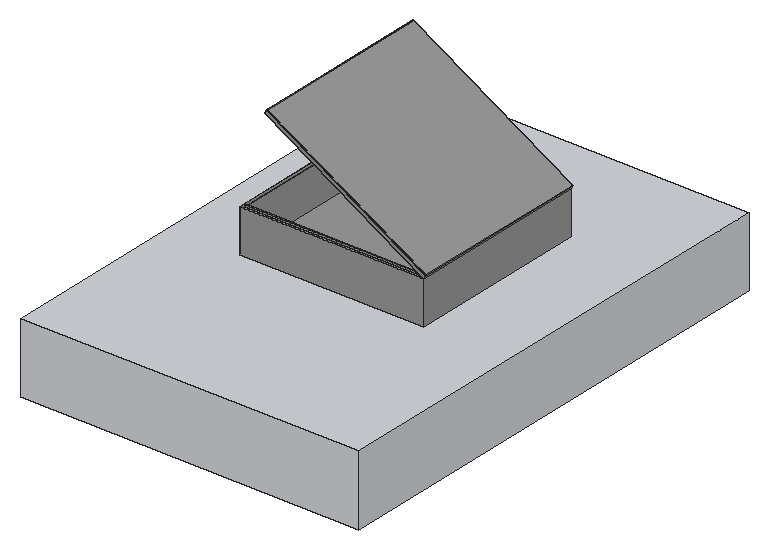
Revit family "Hager-Univers-IP44-D205-H800-Cl.II-Encl-PT-pt", category Equipement électrique, Revit 2020
Family settings
  Hôte = Face
  Configuration du panneau = Deux colonnes, circuits au sein
  Cote de connecteur circulaire = Utiliser le diamètre
  Type d'élément = Tableau de raccordement
  Couper avec des vides une fois chargée = Non
  Partagée = Non
  Point de calcul de pièce = Non
Parameters (values of type "Montagem em superfície (gesso) IP44 L800 A800 P205  - FP53SN2")
  Width Control [instance] = if([EF000008 - Largura] > Min Width, [EF000008 - Largura], Min Width)  # 800 mm
  Commentaires du type = [HG000003 - Gama]  # "Univers"
  Thickness Door [instance] = if([EF009171 - Espessura do material da porta/tampa] > 3 mm, 3 mm, [EF009171 - Espessura do material da porta/tampa])  # 1 mm
  Seal Frame Offset [instance] = 17 mm  # constant formula
  Plinth Visibility [instance] = [HG000027 - Altura da Plinta] > 0 mm  # no
  Model = ""
  Min Width [instance] = 100 mm  # constant formula
  Min Height [instance] = 100 mm  # constant formula
  Min Depth [instance] = (2 * [EF009170 - Espessura do material do invólucro]) + 1 mm  # 3 mm
  Internal Frame Depth [instance] = (Door System Depth * 0.5)  # 9 mm
  Height Control [instance] = if([EF000040 - Altura] > Min Height, [EF000040 - Altura], Min Height)  # 800 mm
  HG000027 - Altura da Plinta = 0 mm
  HG000026 - Instalação no chão = no
  HG000024 - Altura da secção inferior = 800 mm
  HG000023 - Recinto de secção dupla = no
  HG000016 - Visibilidade da porta 3D [instance] = yes
  HG000015 - Visibilidade através da porta [instance] = no
  HG000014 - Porta à direita [instance] = yes
  HG000013 - Porta à esquerda [instance] = not([HG000014 - Porta à direita])  # no
  HG000012 - Ângulo de abertura de porta [instance] = 30.00°
  HG000010 - Portas assimétricas = no
  HG000009 - Porta dupla = no
  HG000006 - Encastrado = no
  HG000004 - Referência do Fabricante = "FP53SN2"
  HG000003 - Gama = "Univers"
  HG000002 - Com porta ou tampa = yes
  Frame Offset Bottom [instance] = 10 mm  # constant formula
  Frame Offset [instance] = 15 mm  # constant formula
  EF015940 - Tampa com libertação de sobrepressão = no
  EF011959 - Grau de proteção (NEMA) = ""
  EF009554 - Número de aberturas para placas de flange = 6
  Fabricant = "Hager"  # constant formula
  EF009212 - Tipo de tampa = "EV000116 - Fechado"
  EF009171 - Espessura do material da porta/tampa = 1 mm
  EF009170 - Espessura do material do invólucro = 1 mm
  EF008873 - Corrente nominal (In) = 250 A
  EF007800 - Adequado para proteção contra raios = no
  EF006306 - Com fecho = no
  EF006244 - Tampa/porta transparente = no
  EF005474 - Grau de proteção (IP) = "EV006418 - IP44"
  EF004464 - Tipo de porta = "EV002646 - Único"
  EF004427 - Número de módulos = 180
  EF004293 - Força de impacto = "EV006815 - IK09"
  EF003532 - Adequado para uso no exterior = no
  EF002950 - Largura em número de módulos = 36
  EF001613 - Integridade do circuito = "EV000494 - Nenhum"
  EF001596 - Material do corpo = "EV000179 - Aço"
  EF001131 - Profundidade interior = 130 mm
  EF001088 - Extensão possível = yes
  EF000437 - Número de entradas de condutores = 6
  EF000339 - Tipo de difusor = "EV004216 - Porta"
  EF000266 - Número de linhas = 5
  EF000218 - Profundidade incorporada = 205 mm
  EF000118 - Com tampa de montagem = no
  EF000116 - Número RAL = "9010"
  EF000049 - Profundidade = 205 mm
  EF000040 - Altura = 800 mm
  EF000008 - Largura = 800 mm
  EF000007 - Cor = "EV000202 - Branco"
  EF000003 - Método de montagem = "EV000384 - Montagem em superfície (gesso)"
  Door System Leaf Tolerance [instance] = 1.5 mm  # constant formula
  Door System Depth [instance] = 18 mm  # constant formula
  Door Height [instance] = Height Control - [HG000027 - Altura da Plinta]  # 800 mm
  Depth Control [instance] = if([EF000049 - Profundidade] > Min Depth, [EF000049 - Profundidade], Min Depth)  # 205 mm
  Default Elevation = 0 mm
  Connector Offset [instance] = Height Control / 2  # 400 mm
  Bottom Top Plate Trim [instance] = 1.5 mm  # constant formula
  Plinth height Ctrl [instance] = if([HG000027 - Altura da Plinta] > 0 mm, [HG000027 - Altura da Plinta], 12 mm)  # 12 mm
Types (5, lengths in mm): name | Width Control | HG000010 - Portas assimétricas | HG000009 - Porta dupla | HG000004 - Referência do Fabricante | EF009554 - Número de aberturas para placas de flange | EF004464 - Tipo de porta | EF004427 - Número de módulos | EF002950 - Largura em número de módulos | EF000437 - Número de entradas de condutores | EF000339 - Tipo de difusor | EF000008 - Largura
  Montagem em superfície (gesso) IP44 L1050 A800 P205  - FP54SN2 | 1050 | no | yes | "FP54SN2" | 8 | "EV003602 - Duplo" | 240 | 48 | 8 | "EV004216 - Porta" | 1050
  Montagem em superfície (gesso) IP44 L1300 A800 P205  - FP55SN2 | 1300 | yes | yes | "FP55SN2" | 10 | "EV003602 - Duplo" | 300 | 60 | 10 | "EV004216 - Porta" | 1300
  Montagem em superfície (gesso) IP44 L300 A800 P205  - FP51SN2 | 300 | no | no | "FP51SN2" | 2 | "EV002646 - Único" | 60 | 12 | 2 | "EV001012 - Tampa" | 300
  Montagem em superfície (gesso) IP44 L550 A800 P205  - FP52SN2 | 550 | no | no | "FP52SN2" | 4 | "EV002646 - Único" | 120 | 24 | 4 | "EV001012 - Tampa" | 550
  Montagem em superfície (gesso) IP44 L800 A800 P205  - FP53SN2 | 800 | no | no | "FP53SN2" | 6 | "EV002646 - Único" | 180 | 36 | 6 | "EV004216 - Porta" | 800
Reference planes
  plane 1 "Center (Front/Back)": y = 0
  plane 2: z = 0
  plane 3 "Center (Left/Right)": x = 0
  plane 4: z = 205
  plane 5: y = 1
  plane 6: y = 400
  plane 7: y = 0
  plane 8: y = 800
  plane 9: z = 0
  plane 10: x = -385
  plane 11: x = 385
  plane 12: x = 384
  plane 13: x = -384
  plane 14: y = 799
  plane 15: x = -383
  plane 16: x = -400
  plane 17: x = 383
  plane 18: x = 400
  plane 19: x = 399
  plane 20: x = -399
  plane 21: y = 11
  plane 22: y = 800
  plane 23: y = 784
  plane 24: z = 187
  plane 25: z = 1
  plane 26: z = 186
  plane 27: z = 204
Forms (mm)
  Extrusion 1, solid
    sketch origin (0, 0, 0) x (1, 0, 0) y (0, 1, 0)
      loop
        line (-702.964, 1305) -> (-702.964, -811.445) -> (766.763, -811.445) -> (766.763, 1305) -> (-702.964, 1305)
    from 0 to -304.8
  Extrusion 2, solid, material "Hager_Steel_RAL7035_Light_Grey", visible <- "Plinth Visibility", detail levels medium+fine
    sketch origin (0, 0, 0) x (1, 0, 0) y (0, 1, 0)
      loop
        line (-400, 0) -> (400, 0) -> (400, 12) -> (-400, 12) -> (-400, 0)
    from 0 to 187
  Extrusion 3, solid, material "Hager_Steel_RAL7035_Light_Grey", detail levels medium+fine
    sketch origin (0, 0, 0) x (1, 0, 0) y (0, 1, 0)
      loop
        line (-400, 0) -> (400, 0) -> (400, 800) -> (-400, 800) -> (-400, 0)
    from 0 to 187
  Extrusion 4, void
    sketch origin (0, 0, 0) x (1, 0, 0) y (0, 1, 0)
      loop
        line (-399, 1) -> (399, 1) -> (399, 799) -> (-399, 799) -> (-399, 1)
    from 1 to 186
  Extrusion 5, void
    sketch origin (-381.607, -4572, 187) x (0, -1, 0) y (-1, 0, 0)
      loop
        line (-4583, 2.393) -> (-5356, 2.393) -> (-5356, -765.607) -> (-4583, -765.607) -> (-4583, 2.393)
    from 0 to 1 <- "EF009170 - Espessura do material do invólucro"
  Extrusion 6, solid, material "Hager_Steel_RAL7035_Light_Grey", detail levels fine
    sketch origin (0, 0, 187) x (1, 0, 0) y (0, 1, 0)
      loop
        line (-384, 784) -> (-384, 11) -> (384, 11) -> (384, 784) -> (-384, 784)
      loop
        line (-385, 10) -> (385, 10) -> (385, 785) -> (-385, 785) -> (-385, 10)
    from 0 to 9 <- "Internal Frame Depth"
  Extrusion 7, solid, material "Hager_Steel_RAL7035_Light_Grey", detail levels coarse
    sketch origin (0, 0, 0) x (1, 0, 0) y (0, 1, 0)
      loop
        line (-400, 0) -> (400, 0) -> (400, 800) -> (-400, 800) -> (-400, 0)
    from 0 to 205
  Sweep 8, void
    path in 3D
      loop
        line (-400, 12, 0) -> (400, 12, 0) -> (400, 12, 187) -> (-400, 12, 187) -> (-400, 12, 0)
    profile origin (-400, 12, 93.5) x (-1, 0, 0) y (0, -1, 0)
      loop
        line (0, 0) -> (0, 1.5) -> (-1.5, 1.5)
        arc (-1.5, 1.5) -> (-1.061, 0.439) -> (0, 0) r 1.5
Cuts and joins
  Extrusion 4, Extrusion 5 cuts Extrusion 3
  Sweep 8 cuts Extrusion 2
Lines and regions (mm)
  Masking region 1
    outline origin (0, 0, 0) x (1, 0, 0) y (0, 0, 1)
      loop
        line (-400, 205) -> (-400, 0) -> (400, 0) -> (400, 205) -> (-400, 205)
  Masking region 2, detail levels medium+fine
    outline origin (0, 140, 0) x (0, 1, 0) y (0, 0, 1)
      loop
        line (-140, 0) -> (660, 0) -> (660, 187) -> (-140, 187) -> (-140, 0)
  Masking region 3, not visible, detail levels medium+fine
    outline origin (0, 297.922, 0) x (0, 1, 0) y (0, 0, 1)
      loop
        line (113.578, 0) -> (153.578, 0) -> (153.578, 194)
        arc (153.578, 194) -> (150.649, 201.071) -> (143.578, 204) r 10
        line (143.578, 204) -> (113.578, 204) -> (113.578, 0)
  Masking region 4, detail levels coarse
    outline origin (0, 0, 180) x (0, 1, 0) y (0, 0, 1)
      loop
        line (0, -180) -> (800, -180) -> (800, 25) -> (0, 25) -> (0, -180)
  Masking region 5, visible <- "Plinth Visibility", detail levels medium+fine
    outline origin (0, 52.24, 12.345) x (0, 0, -1) y (0, 1, 0)
      loop
        line (10.845, -40.24) -> (-173.155, -40.24)
        arc (-173.155, -40.24) -> (-173.594, -41.301) -> (-174.655, -41.74) r 1.5
        line (-174.655, -41.74) -> (-174.655, -52.24) -> (12.345, -52.24) -> (12.345, -41.74)
        arc (12.345, -41.74) -> (11.285, -41.301) -> (10.845, -40.24) r 1.5
  Masking region 6, detail levels medium+fine
    outline origin (-381.607, -4572, 187) x (-1, 0, 0) y (0, -1, 0)
      loop
        line (18.393, -5372) -> (18.393, -4572) -> (-781.607, -4572) -> (-781.607, -5372) -> (18.393, -5372)
  Masking region 7, visible <- "Plinth Visibility", detail levels medium+fine
    outline origin (-381.607, -4727, 187) x (-1, 0, 0) y (0, -1, 0)
      loop
        arc (16.893, -4739) -> (17.332, -4737.939) -> (18.393, -4737.5) r 1.5
        line (18.393, -4737.5) -> (18.393, -4727) -> (-781.607, -4727) -> (-781.607, -4737.5)
        arc (-781.607, -4737.5) -> (-780.546, -4737.939) -> (-780.107, -4739) r 1.5
        line (-780.107, -4739) -> (16.893, -4739)
  Masking region 8, detail levels coarse
    outline origin (-442.548, -4669.526, 187) x (-1, 0, 0) y (0, -1, 0)
      loop
        line (-42.548, -5469.526) -> (-42.548, -4669.526) -> (-842.548, -4669.526) -> (-842.548, -5469.526) -> (-42.548, -5469.526)
  sketch lines
    curve 1: line (-400, 12, 187) -> (-400, 12, 0)
    curve 2: line (400, 12, 187) -> (-400, 12, 187)
    curve 3: line (400, 12, 187) -> (400, 12, 0)
    curve 4: line (-400, 12, 0) -> (400, 12, 0)
Dimensions and locks
  "Depth Control": plane 4 to Extrusion 1
  "HG000027 - Altura da Plinta": plane 1 "Center (Front/Back)" to plane 7
  "EF009170 - Espessura do material do invólucro": plane 5 to plane 7
  locked: connector elem to plane 3 "Center (Left/Right)"
  equal spacing: plane 8, plane 6, plane 7
  locked: connector elem to plane 6
  "EF009170 - Espessura do material do invólucro": plane 8 to plane 14
  "EF009170 - Espessura do material do invólucro": plane 10 to plane 13
  "EF009170 - Espessura do material do invólucro": plane 12 to plane 11
  "Frame Offset": plane 20 to plane 13
  "Frame Offset": plane 12 to plane 19
  "EF009170 - Espessura do material do invólucro": plane 16 to plane 20
  "EF009170 - Espessura do material do invólucro": plane 19 to plane 18
  "Seal Frame Offset": plane 16 to plane 15
  "Seal Frame Offset": plane 17 to plane 18
  "Frame Offset Bottom": plane 21 to plane 5
  "Frame Offset": plane 14 to plane 23
  equal spacing: plane 16, plane 3 "Center (Left/Right)", plane 18
  "Width Control": plane 16 to plane 18
  "EF009170 - Espessura do material do invólucro": plane 4 to plane 27
  "EF009170 - Espessura do material do invólucro": plane 24 to plane 26
  "EF009170 - Espessura do material do invólucro": plane 25 to level
  "Door System Depth": plane 4 to plane 24
  "Height Control": plane 1 "Center (Front/Back)" to Extrusion 7 sketch curve
  "Height Control": Masking region 4 sketch curve to plane 1 "Center (Front/Back)"
  "Height Control": plane 1 "Center (Front/Back)" to plane 22
  "Bottom Top Plate Trim": profile plane to Sweep 8 sketch curve
  "Bottom Top Plate Trim": Sweep 8 sketch curve to profile plane
  "Plinth height Ctrl": plane 1 "Center (Front/Back)" to Extrusion 2 sketch curve
  "Plinth height Ctrl": Masking region 5 sketch curve to plane 1 "Center (Front/Back)"
  "Plinth height Ctrl": plane 1 "Center (Front/Back)" to Masking region 7 sketch curve
  "Thickness Door": Extrusion 6 sketch curve to Extrusion 6 sketch curve  (x3)
  "Thickness Door": cut or joined group of Extrusion 3, Extrusion 4, Extrusion 5 to Extrusion 6 sketch curve
  radius of Masking region 3 sketch curve = 10 mm
  "Bottom Top Plate Trim": radius of Masking region 5 sketch curve  (x2)
  "Bottom Top Plate Trim": radius of Sweep 8 sketch curve
  "Bottom Top Plate Trim": radius of Masking region 7 sketch curve  (x2)
  aligned and locked: plane 2 to Extrusion 1
  aligned and locked: level to Extrusion 1
  aligned and locked: level to Masking region 1 sketch curve
  aligned and locked: Masking region 1 sketch curve to plane 18
  aligned and locked: Masking region 1 sketch curve to plane 16
  aligned and locked: plane 7 to Masking region 2 sketch curve
  aligned and locked: level to Masking region 3 sketch curve
  aligned and locked: Masking region 3 sketch curve to plane 27
  aligned and locked: level to Masking region 2 sketch curve
  aligned and locked: plane 1 "Center (Front/Back)" to Extrusion 2 sketch curve
  aligned and locked: Extrusion 3 sketch curve to plane 7
  aligned and locked: plane 16 to Extrusion 3 sketch curve
  aligned and locked: plane 18 to Extrusion 3 sketch curve
  aligned and locked: plane 20 to Extrusion 4 sketch curve
  aligned and locked: plane 19 to Extrusion 4 sketch curve
  aligned and locked: Extrusion 4 sketch curve to plane 5
  aligned and locked: Extrusion 4 to plane 25
  aligned and locked: plane 26 to Extrusion 4
  aligned and locked: plane 24 to Extrusion 3
  aligned and locked: Extrusion 5 sketch curve to plane 21
  aligned and locked: Extrusion 5 sketch curve to plane 13
  aligned and locked: Extrusion 5 sketch curve to plane 12
  aligned and locked: plane 18 to Extrusion 7 sketch curve
  aligned and locked: plane 1 "Center (Front/Back)" to Extrusion 7 sketch curve
  aligned and locked: plane 16 to Extrusion 7 sketch curve
  aligned and locked: plane 4 to Extrusion 7
  aligned and locked: Extrusion 7 to level
  aligned and locked: level to Masking region 4 sketch curve
  aligned and locked: Masking region 4 sketch curve to plane 1 "Center (Front/Back)"
  aligned and locked: Masking region 4 sketch curve to plane 4
  aligned and locked: nested 1 to level
  aligned and locked: nested 1 to plane 16
  aligned and locked: plane 8 to Extrusion 3 sketch curve
  aligned and locked: plane 23 to Extrusion 5 sketch curve
  aligned and locked: plane 14 to Extrusion 4 sketch curve
  aligned and locked: Masking region 2 sketch curve to plane 8
  aligned and locked: level to Masking region 5 sketch curve
  aligned and locked: plane 16 to Extrusion 2 sketch curve
  aligned and locked: plane 18 to Extrusion 2 sketch curve
  aligned and locked: Masking region 5 sketch curve to plane 24
  aligned and locked: Masking region 2 sketch curve to plane 24
  aligned and locked: plane 24 to Extrusion 2
  aligned and locked: profile plane to Sweep 8 sketch curve  (x2)
  aligned and locked: Masking region 6 sketch curve to plane 18
  aligned and locked: Masking region 6 sketch curve to plane 22
  aligned and locked: Masking region 6 sketch curve to plane 16
  aligned and locked: plane 8 to plane 22
  aligned and locked: Masking region 6 sketch curve to plane 7
  aligned and locked: Masking region 7 sketch curve to plane 16
  aligned and locked: Masking region 7 sketch curve to plane 1 "Center (Front/Back)"
  aligned and locked: Masking region 7 sketch curve to plane 18
  aligned and locked: Masking region 8 sketch curve to plane 1 "Center (Front/Back)"
  aligned and locked: Masking region 8 sketch curve to plane 18
  aligned and locked: Masking region 8 sketch curve to plane 22
  aligned and locked: Masking region 8 sketch curve to plane 16
  aligned and locked: nested 2 to plane 7
  aligned and locked: plane 3 "Center (Left/Right)" to nested 2
  aligned and locked: nested 2 to plane 24
  aligned and locked: Extrusion 6 sketch curve to cut or joined group of Extrusion 3, Extrusion 4, Extrusion 5  (x4)
Automatic sketch dimensions
  Extrusion 1 sketch curve to Extrusion 1 sketch curve = 1469.727 mm
  Extrusion 1 sketch curve to Extrusion 1 sketch curve = 2116.445 mm
  Masking region 1 sketch curve to plane 4 = 0 mm
  plane 6 to Masking region 3 sketch curve = 11.5 mm
  Masking region 3 sketch curve to Masking region 3 sketch curve = 30 mm
  Masking region 5 sketch curve to plane 1 "Center (Front/Back)" = 0 mm
Nested families
  nested 1: "Hager_Enclosure_Symbol" at (-400, 0, 0) x (1, 0, 0) z (0, -1, 0), Height <- "Depth Control", Width <- "Width Control", type "Hager_Enclosure_Symbol"
    with Width_Ctrl 800 mm, Width 800 mm, Height_Ctrl 205 mm, Height 205 mm, A_Width_Int 13.453 mm, A_Width 161.438 mm, A_Height_Ctrl 179.375 mm, A_Height 179.375 mm
  nested 2: "EC000058_Univers_Door" at (0, 0, 187) x (1, 0, 0) z (0, 1, 0), Leaf_Tolerance <- "Door System Leaf Tolerance", Angle <- "HG000012 - Ângulo de abertura de porta", Door_Depth <- "Door System Depth", Door_Left <- "HG000013 - Porta à esquerda", Transparent <- "EF006244 - Tampa/porta transparente", Assymetrical <- "HG000010 - Portas assimétricas", Width <- "Width Control", Clearance <- "HG000015 - Visibilidade através da porta", Double <- "HG000009 - Porta dupla", 3d_Door <- "HG000016 - Visibilidade da porta 3D", Lock_Visibility <- "EF006306 - Com fecho", Width_Ctrl <- "Width Control", Door_Right <- "HG000014 - Porta à direita", Door <- "HG000002 - Com porta ou tampa", Height <- "Door Height", Thickness <- "Thickness Door", type "EC000058_Univers_Door", detail levels medium+fine
    with min_wh 3 mm, Width_Ctrl 800 mm, Width 800 mm, Transparent no, Thickness 1 mm, Seal_Material Hager_Rubber, Lock_Visibility no, Lock_Material Hager_Plastic_RAL9005_Jet_Black, Leaf_Width 800 mm, Leaf_Tolerance_External_Sides 0 mm, Leaf_Tolerance 1.5 mm, Leaf_Offset 0 mm, Leaf_Height 797 mm, Leaf_2_Width 800 mm, Leaf_2_Offset 400 mm, Leaf_1_Width 800 mm, Leaf_1_Offset 400 mm, Height_Ctrl 800 mm, Height 800 mm, Glass_Material Hager_Glass, Double_Clearance_Ctrl no, Double no, Door_Right_Ctrl yes, Door_Right yes, Door_Material Hager_Steel_RAL7035_Light_Grey, Door_Left_Ctrl no, Door_Left no, Door_Depth 18 mm, Door yes, Clearance_Material Hager_Clearance, Clearance_Depth 800 mm, Clearance_Ctrl no, Clearance no, Assymetrical no, Angle 30.00°, 3d_Door yes
Connectors
  electrical at (0, 400, 0)
    settings: on plane 9, index 1, voltage 0 V, apparent load 0 VA, apparent load phase1 0 VA, apparent load phase2 0 VA, apparent load phase3 0 VA, power factor 1, load classification "Other", number of poles 1, system type 30, power factor state 1, is connector primary yes, connector utility no, sub classification motor no, connector description ""
Definition of nested family "EC000058_Univers_Door"
  Parameters (values of type "EC000058_Univers_Door")
    min_wh [instance] = (2 * Thickness) + 1 mm  # 11 mm
    Width_Ctrl [instance] = 400 mm
    Width [instance] = 500 mm
    Transparent [instance] = yes
    Thickness [instance] = 5 mm
    Seal_Material [instance] = none
    Lock_Visibility [instance] = yes
    Lock_Material [instance] = none
    Leaf_Width [instance] = if((Width_Ctrl - 2 * Leaf_Tolerance_External_Sides) > 0 mm, (Width_Ctrl - 2 * Leaf_Tolerance_External_Sides), min_wh)  # 400 mm
    Leaf_Tolerance_External_Sides [instance] = 0 mm  # constant formula
    Leaf_Tolerance [instance] = 1.5 mm
    Leaf_Offset [instance] = 0 mm  # constant formula
    Leaf_Height [instance] = if((Height_Ctrl - 2 * Leaf_Tolerance) > 0 mm, (Height_Ctrl - 2 * Leaf_Tolerance), min_wh)  # 497 mm
    Leaf_2_Width [instance] = if(and(and(Double, Assymetrical), Door_Left), (Leaf_Width / 3) - (Leaf_Tolerance / 2), if(and(and(Double, Assymetrical), Door_Right), (Leaf_Width / 3) * 2 - (Leaf_Tolerance / 2), if(and(Double, not(Assymetrical)), (Leaf_Width / 2) - Leaf_Tolerance, Leaf_Width)))  # 400 mm
    Leaf_2_Offset [instance] = if(and(Double, Assymetrical), Leaf_2_Width / 2, if(and(Double, not(Assymetrical)), Leaf_Width / 4, Leaf_Width / 2))  # 200 mm
    Leaf_1_Width [instance] = if(and(and(Double, Assymetrical), Door_Right), (Leaf_Width / 3) - (Leaf_Tolerance / 2), if(and(and(Double, Assymetrical), Door_Left), (Width / 3) * 2 - (Leaf_Tolerance / 2), if(and(Double, not(Assymetrical)), (Leaf_Width / 2) - Leaf_Tolerance, Leaf_Width)))  # 400 mm
    Leaf_1_Offset [instance] = if(and(Double, Assymetrical), Leaf_1_Width / 2, if(and(Double, not(Assymetrical)), Leaf_Width / 4, Leaf_Width / 2))  # 200 mm
    Height_Ctrl [instance] = if(Height > min_wh, Height, min_wh)  # 500 mm
    Height [instance] = 500 mm
    Glass_Material [instance] = none
    Double_Clearance_Ctrl [instance] = and(Double, Clearance)  # no
    Double [instance] = no
    Door_Right_Ctrl [instance] = and(or(Door_Right, Double), Door)  # yes
    Door_Right [instance] = yes
    Door_Material [instance] = none
    Door_Left_Ctrl [instance] = and(or(Door_Left, Double), Door)  # no
    Door_Left [instance] = no
    Door_Depth [instance] = 30 mm
    Door [instance] = yes
    Default Elevation = 1219.2 mm
    Clearance_Material [instance] = none
    Clearance_Depth [instance] = if(Leaf_1_Width > Leaf_2_Width, Leaf_1_Width, Leaf_2_Width)  # 400 mm
    Clearance_Ctrl [instance] = and(not(Double), Clearance)  # yes
    Clearance [instance] = yes
    Assymetrical [instance] = yes
    Angle [instance] = 30.00°
    3d_Door [instance] = yes
  Reference planes
    plane 1 "Center (Front/Back)": y = 0
    plane 2 "Bottom": z = 0
    plane 3 "Center (Left/Right)": x = 0
    plane 4: z = 500
    plane 5: x = -200
    plane 6: x = 200
    plane 7: z = 500
    plane 8: x = -200
    plane 9: z = 0
    plane 10: x = 200
    plane 11: y = 0
    plane 12: z = 1.5
    plane 13: x = -600
    plane 14: y = -400
    plane 15: x = 600
    plane 16: x = 0
    plane 17: x = 0
    plane 18: x = -200
    plane 19: x = 200
    plane 20: z = 498.5
  Forms (mm)
    Extrusion 1, solid, material <- "Clearance_Material", visible <- "Double_Clearance_Ctrl"
      sketch origin (1200, 0, 0) x (1, 0, 0) y (0, 0, -1)
        loop
          line (-1800, -498.5) -> (-600, -498.5) -> (-600, 0) -> (-1800, 0) -> (-1800, -498.5)
      from 0 to -400
  Dimensions and locks
    equal spacing: plane 5, plane 3 "Center (Left/Right)", plane 6
    "Width_Ctrl": plane 5 to plane 6
    "Leaf_Offset": plane 5 to plane 8
    "Leaf_Offset": plane 6 to plane 10
    "Leaf_Offset": plane 9 to level
    "Leaf_Offset": plane 4 to plane 7
    "Height_Ctrl": plane 4 to level
    "Leaf_Tolerance": plane 12 to plane 9
    locked: plane 11 to plane 1 "Center (Front/Back)"
    "Leaf_1_Offset": plane 18 to plane 16
    "Leaf_2_Offset": plane 17 to plane 19
    "Leaf_1_Width": plane 13 to plane 8
    "Leaf_2_Width": plane 10 to plane 15
    "Clearance_Depth": plane 14 to plane 1 "Center (Front/Back)"
    "Leaf_Tolerance_External_Sides": plane 8 to plane 18
    "Leaf_Tolerance_External_Sides": plane 19 to plane 10
    "Leaf_Tolerance": plane 7 to plane 20
    aligned and locked: level to plane 2 "Bottom"
    aligned and locked: nested 1 to plane 16
    aligned and locked: nested 2 to plane 17
    aligned and locked: Extrusion 1 to plane 13
    aligned and locked: plane 15 to Extrusion 1
    aligned and locked: Extrusion 1 to plane 14
    aligned and locked: plane 12 to nested 1
    aligned and locked: nested 2 to plane 12
    aligned and locked: Extrusion 1 to plane 11
    aligned and locked: plane 20 to Extrusion 1
    aligned and locked: nested 2 to plane 11
    aligned and locked: nested 1 to plane 11
  Automatic sketch dimensions
    Extrusion 1 sketch curve to level = 0 mm
    plane 5 to Extrusion 1 sketch curve = 400 mm
    plane 6 to Extrusion 1 sketch curve = 400 mm
    Extrusion 1 sketch curve to plane 4 = 1.5 mm
  Nested families
    nested 1: "EC000058_Univers_Door_Leaf" at (0, 0, 1.5), Width <- "Leaf_1_Width", visible <- "Door_Left_Ctrl", Leaf_Height <- "Leaf_Height", Angle <- "Angle", 3d_Door <- "3d_Door", Transparent <- "Transparent", Clearance Material <- "Clearance_Material", Clearance <- "Clearance_Ctrl", Door_Material <- "Door_Material", Glass_Material <- "Glass_Material", Door_Depth <- "Door_Depth", Lock_Material <- "Lock_Material", Seal_Material <- "Seal_Material", Lock_Visibility <- "Lock_Visibility", Thickness <- "Thickness", type "EC000058_Univers_Door_Leaf"
      with Width 400 mm, Transparent_Glass_Offset 30 mm, Transparent_Ctrl yes, Transparent yes, Thickness 5 mm, Standard no, Seal_Material none, Seal_D2 8 mm, Seal_D1 1 mm, Offset_Internal_Frame 10 mm, Lock_Width 20 mm, Lock_Visibility_3d yes, Lock_Visibility yes, Lock_Thickness_3 3 mm, Lock_Thickness_2 1 mm, Lock_Thickness_1 3 mm, Lock_Radius_Offset_2 16 mm, Lock_Radius_Offset_1 15 mm, Lock_Radius_2 5 mm, Lock_Radius 6 mm, Lock_Offset 5 mm, Lock_Material none, Lock_Height 80 mm, Lock_Cover_Top_Offset_2d 17 mm, Lock_Cover_Height -65 mm, Leaf_Height 497 mm, Internal_Seal_Thickness 8 mm, Internal_Seal_Depth_2 4.5 mm, Internal_Frame_Depth 25 mm, Glass_Thickness -1 mm, Glass_Offset -2 mm, Glass_Material none, Door_Material none, Door_Depth 30 mm, Clearance Material none, Clearance yes, Angle_Ctrl 30.00°, Angle 30.00°, 3d_Door yes
    nested 2: "EC000058_Univers_Door_Leaf" at (0, 0, 1.5) x (-1, 0, 0) z (0, 0, 1), Width <- "Leaf_2_Width", visible <- "Door_Right_Ctrl", Leaf_Height <- "Leaf_Height", Angle <- "Angle", 3d_Door <- "3d_Door", Transparent <- "Transparent", Clearance Material <- "Clearance_Material", Clearance <- "Clearance_Ctrl", Door_Material <- "Door_Material", Glass_Material <- "Glass_Material", Door_Depth <- "Door_Depth", Lock_Material <- "Lock_Material", Seal_Material <- "Seal_Material", Lock_Visibility <- "Lock_Visibility", Thickness <- "Thickness", type "EC000058_Univers_Door_Leaf"
      with Width 400 mm, Transparent_Glass_Offset 30 mm, Transparent_Ctrl yes, Transparent yes, Thickness 5 mm, Standard no, Seal_Material none, Seal_D2 8 mm, Seal_D1 1 mm, Offset_Internal_Frame 10 mm, Lock_Width 20 mm, Lock_Visibility_3d yes, Lock_Visibility yes, Lock_Thickness_3 3 mm, Lock_Thickness_2 1 mm, Lock_Thickness_1 3 mm, Lock_Radius_Offset_2 16 mm, Lock_Radius_Offset_1 15 mm, Lock_Radius_2 5 mm, Lock_Radius 6 mm, Lock_Offset 5 mm, Lock_Material none, Lock_Height 80 mm, Lock_Cover_Top_Offset_2d 17 mm, Lock_Cover_Height -65 mm, Leaf_Height 497 mm, Internal_Seal_Thickness 8 mm, Internal_Seal_Depth_2 4.5 mm, Internal_Frame_Depth 25 mm, Glass_Thickness -1 mm, Glass_Offset -2 mm, Glass_Material none, Door_Material none, Door_Depth 30 mm, Clearance Material none, Clearance yes, Angle_Ctrl 30.00°, Angle 30.00°, 3d_Door yes
  Definition of nested family "EC000058_Univers_Door_Leaf"
    Parameters (values of type "EC000058_Univers_Door_Leaf")
      Width [instance] = 2000 mm
      Transparent_Glass_Offset [instance] = 30 mm
      Transparent_Ctrl [instance] = and(Transparent, [3d_Door])  # yes
      Transparent [instance] = yes
      Thickness [instance] = 5 mm
      Standard [instance] = and(not(Transparent), [3d_Door])  # no
      Seal_Material [instance] = none
      Seal_D2 [instance] = 8 mm  # constant formula
      Seal_D1 [instance] = 1 mm  # constant formula
      Offset_Internal_Frame [instance] = 10 mm  # constant formula
      Lock_Width [instance] = 20 mm  # constant formula
      Lock_Visibility_3d [instance] = and(Lock_Visibility, [3d_Door])  # yes
      Lock_Visibility [instance] = yes
      Lock_Thickness_3 [instance] = 3 mm  # constant formula
      Lock_Thickness_2 [instance] = 1 mm  # constant formula
      Lock_Thickness_1 [instance] = 3 mm  # constant formula
      Lock_Radius_Offset_2 [instance] = Lock_Radius_Offset_1 + 1 mm  # 16 mm
      Lock_Radius_Offset_1 [instance] = 15 mm  # constant formula
      Lock_Radius_2 [instance] = Lock_Radius - 1 mm  # 5 mm
      Lock_Radius [instance] = 6 mm  # constant formula
      Lock_Offset [instance] = 5 mm  # constant formula
      Lock_Material [instance] = none
      Lock_Height [instance] = 80 mm  # constant formula
      Lock_Cover_Top_Offset_2d [instance] = Lock_Radius_Offset_2 + 1 mm  # 17 mm
      Lock_Cover_Height [instance] = -(Lock_Height - Lock_Radius_Offset_1)  # -65 mm
      Leaf_Height [instance] = 2720.336 mm
      Internal_Seal_Thickness [instance] = 8 mm  # constant formula
      Internal_Seal_Depth_2 [instance] = 4.5 mm  # constant formula
      Internal_Frame_Depth [instance] = if(Door_Depth - Thickness > 5 mm, Door_Depth - Thickness, 5 mm)  # 25 mm
      Glass_Thickness [instance] = if(Thickness > 15 mm, Glass_Offset + 10 mm, -1 mm)  # -1 mm
      Glass_Offset [instance] = if(Thickness > 15 mm, -(Thickness + 10 mm) / 2, -2 mm)  # -2 mm
      Glass_Material [instance] = none
      Door_Material [instance] = none
      Door_Depth [instance] = 30 mm
      Default Elevation = 0 mm
      Clearance Material [instance] = none
      Clearance [instance] = yes
      Angle_Ctrl [instance] = if(Angle > 180.00°, 180.00°, Angle)  # 90.00°
      Angle [instance] = 90.00°
      3d_Door [instance] = yes
    Reference planes
      plane 1 "Center (Front/Back)": y = 0
      plane 2: z = 0
      plane 3 "Center (Left/Right)": x = 0
      plane 4: y = 2000
      plane 5: x = -1000
      plane 6: x = 1000
      plane 7: x = -3000
      plane 8: z = 2720.336
      plane 9: z = 30
      plane 10: z = 2690.336
      plane 11: x = 970
      plane 12: x = -970
      plane 13: y = -3
      plane 14: z = 107.833
      plane 15: y = -5
      plane 16: y = -223.314
      plane 17: x = -1000
      plane 18: z = 1360.168
      plane 19: y = 30
    Forms (mm)
      Extrusion 1, solid, material <- "Clearance Material", visible <- "Clearance"
        sketch origin (0, 0, 0) x (1, 0, 0) y (0, 0, 1)
          loop
            line (-3000, 2720.336) -> (-3000, 0) -> (1000, 0) -> (1000, 2720.336) -> (-3000, 2720.336)
        from 0 to -2000
      Extrusion 2, solid, material <- "Door_Material", visible <- "Standard", detail levels medium+fine
        sketch origin (-1000, 0, 0) x (0, 1, 0) y (-1, 0, 0)
          loop
            line (0, 30) -> (0, 25) -> (2000, 25) -> (2000, 30) -> (0, 30)
        from 0 to 2720.336 <- "Leaf_Height"
      Extrusion 3, solid, material <- "Door_Material", visible <- "Transparent_Ctrl", detail levels medium+fine
        sketch origin (-1000, 0, 0) x (0, 1, 0) y (-1, 0, 0)
          loop
            line (0, 25) -> (2000, 25) -> (2000, 30) -> (0, 30) -> (0, 25)
        from 0 to 2720.336 <- "Leaf_Height"
      Extrusion 4, void
        sketch origin (-1025, 2000, 0) x (0, 1, 0) y (0, 0, -1)
          loop
            line (-30, -2690.336) -> (-30, -30) -> (-1970, -30) -> (-1970, -2690.336) -> (-30, -2690.336)
        from 0 to 5 <- "Thickness"
      Sweep 5, solid, material <- "Seal_Material", visible <- "Transparent_Ctrl", detail levels fine
        path in 3D
          loop
            line (-1025, 30, 30) -> (-1025, 30, 2690.336) -> (-1025, 1970, 2690.336) -> (-1025, 1970, 30) -> (-1025, 30, 30)
        profile origin (-1025, 1000, 30) x (1, 0, 0) y (0, 0, 1)
          loop
            line (0, 0) -> (0, -8) -> (1, -8) -> (1, 0) -> (0, 0)
      Extrusion 6, solid, material <- "Glass_Material", visible <- "Transparent_Ctrl", detail levels medium+fine
        sketch origin (-1030, 0, 0) x (0, 1, 0) y (0, 0, -1)
          loop
            line (1970, -2690.336) -> (1970, -30) -> (30, -30) -> (30, -2690.336) -> (1970, -2690.336)
        from -2 <- "Glass_Offset" to -1 <- "Glass_Thickness"
      Extrusion 7, solid, material <- "Door_Material", visible <- "3d_Door", detail levels medium+fine
        sketch origin (-1025, 2000, 0) x (0, -1, 0) y (0, 0, -1)
          loop
            line (0, -2720.336) -> (2000, -2720.336) -> (2000, 0) -> (0, 0) -> (0, -2720.336)
          loop
            line (1995, -5) -> (5, -5) -> (5, -2715.336) -> (1995, -2715.336) -> (1995, -5)
        from 0 to 25 <- "Internal_Frame_Depth"
      Sweep 8, solid, material <- "Seal_Material", visible <- "Transparent_Ctrl", detail levels fine
        path in 3D
          loop
            line (-1025, 0, 0) -> (-1025, 2000, 0) -> (-1025, 2000, 2720.336) -> (-1025, 0, 2720.336) -> (-1025, 0, 0)
        profile origin (-1025, 0, 1360.168) x (1, 0, 0) y (0, 1, 0)
          loop
            line (0, 10) -> (2.975, 10)
            arc (2.975, 10) -> (4.053, 10.447) -> (4.5, 11.525) r 1.525
            line (4.5, 11.525) -> (4.5, 16.527)
            arc (4.5, 16.527) -> (4.069, 17.569) -> (3.027, 18) r 1.473
            line (3.027, 18) -> (0, 18) -> (0, 10)
      Extrusion 9, solid, material <- "Lock_Material", visible <- "Lock_Visibility_3d", detail levels fine
        sketch origin (-1030, 0, 0) x (0, 1, 0) y (0, 0, -1)
          loop
            arc (1993.5, -1400.168) -> (1994.561, -1399.729) -> (1995, -1398.668) r 1.5
            line (1995, -1398.668) -> (1995, -1320.168) -> (1975, -1320.168) -> (1975, -1398.668)
            arc (1975, -1398.668) -> (1975.439, -1399.729) -> (1976.5, -1400.168) r 1.5
            line (1976.5, -1400.168) -> (1993.5, -1400.168)
        from 3 <- "Lock_Thickness_1" to 0
      Blend 10, solid, material <- "Lock_Material", visible <- "Lock_Visibility_3d", detail levels fine
        base sketch origin (-1033, 0, 0) x (0, 1, 0) y (0, 0, -1)
          loop
            line (1975, -1320.168) -> (1975, -1398.668)
            arc (1975, -1398.668) -> (1975.439, -1399.729) -> (1976.5, -1400.168) r 1.5
            line (1976.5, -1400.168) -> (1993.5, -1400.168)
            arc (1993.5, -1400.168) -> (1994.561, -1399.729) -> (1995, -1398.668) r 1.5
            line (1995, -1398.668) -> (1995, -1320.168) -> (1975, -1320.168)
        top sketch origin (-1033, 0, 0) x (0, 1, 0) y (0, 0, -1)
          loop
            line (1976, -1320.168) -> (1976, -1398.668)
            arc (1976, -1398.668) -> (1976.146, -1399.022) -> (1976.5, -1399.168) r 0.5
            line (1976.5, -1399.168) -> (1993.5, -1399.168)
            arc (1993.5, -1399.168) -> (1993.854, -1399.022) -> (1994, -1398.668) r 0.5
            line (1994, -1398.668) -> (1994, -1320.168) -> (1976, -1320.168)
        from 0 to 1 <- "Lock_Thickness_2"
      Blend 11, solid, material <- "Lock_Material", visible <- "Lock_Visibility_3d", detail levels fine
        base sketch origin (-1034, 0, 0) x (0, 1, 0) y (0, 0, -1)
          loop
            line (1978, -1320.168) -> (1978, -1384.168)
            arc (1978, -1384.168) -> (1985, -1391.168) -> (1992, -1384.168) r 7
            line (1992, -1384.168) -> (1992, -1320.168) -> (1978, -1320.168)
        top sketch origin (-1034, 0, 0) x (0, 1, 0) y (0, 0, -1)
          loop
            line (1991, -1320.168) -> (1979, -1320.168) -> (1979, -1383.168)
            arc (1979, -1383.168) -> (1985, -1389.168) -> (1991, -1383.168) r 6
            line (1991, -1383.168) -> (1991, -1320.168)
        from 0 to 3 <- "Lock_Thickness_3"
      Extrusion 12, solid, material <- "Lock_Material", visible <- "Lock_Visibility_3d", detail levels fine
        sketch origin (-1030, 1975, 1320.168) x (1, 0, 0) y (0, -1, 0)
          loop
            line (-7, -19) -> (-7, -1) -> (0, -1) -> (0, 0) -> (-8, 0) -> (-8, -20) -> (0, -20) -> (0, -19) -> (-7, -19)
        from 0 to -65 <- "Lock_Cover_Height"
      Extrusion 13, void
        sketch origin (-1038, 1995, 1320.168) x (-1, 0, 0) y (0, 0, -1)
          loop
            line (-5, -65) -> (0, -65) -> (-5, -60) -> (-5, -65)
        from 0 to 20 <- "Lock_Width"
      Extrusion 14, void
        sketch origin (-1038, 1975, 1320.168) x (0, -1, 0) y (0, 0, -1)
          loop
            circle (-10, -15.995) r 6
          loop
            circle (-10, -15.995) r 5
        from 0 to 2
      Extrusion 15, solid, material <- "Lock_Material", visible <- "Lock_Visibility_3d", detail levels medium
        sketch origin (-1030, 0, 0) x (0, 1, 0) y (0, 0, -1)
          loop
            arc (1993.5, -1400.168) -> (1994.561, -1399.729) -> (1995, -1398.668) r 1.5
            line (1995, -1398.668) -> (1995, -1320.168) -> (1975, -1320.168) -> (1975, -1398.668)
            arc (1975, -1398.668) -> (1975.439, -1399.729) -> (1976.5, -1400.168) r 1.5
            line (1976.5, -1400.168) -> (1993.5, -1400.168)
        from 8 to 0
    Cuts and joins
      Extrusion 4 cuts Extrusion 3
      Extrusion 13, Extrusion 14 cuts Extrusion 9
      Extrusion 14 cuts Blend 11
      Extrusion 13, Extrusion 14 cuts Extrusion 12
      joined: Extrusion 9, Blend 10, Blend 11, Extrusion 12
      Extrusion 14 cuts Extrusion 15
    Lines and regions (mm)
      Masking region 1, visible <- "Lock_Visibility", detail levels fine
        outline origin (0, 0, 0) x (0, 1, 0) y (0, 0, 1)
          loop
            line (30, 1320.168) -> (33, 1320.168) -> (33, 1400.168) -> (30, 1400.168) -> (30, 1320.168)
      Masking region 2, visible <- "Lock_Visibility", detail levels fine
        outline origin (0, 3.143, 0) x (0, 1, 0) y (0, 0, 1)
          loop
            line (29.857, 1354.168) -> (30.857, 1354.168) -> (30.857, 1366.168) -> (29.857, 1366.168) -> (29.857, 1354.168)
      Masking region 3, detail levels medium+fine
        outline origin (0, 0, 0) x (0, 1, 0) y (0, 0, 1)
          loop
            line (0, 0) -> (30, 0) -> (30, 2720.336) -> (0, 2720.336) -> (0, 0)
      Masking region 4, detail levels medium+fine
        outline origin (0, 0, 0) x (1, 0, 0) y (0, 0, 1)
          loop
            line (-1000, 2720.336) -> (-1000, 0) -> (1000, 0) -> (1000, 2720.336) -> (-1000, 2720.336)
      Masking region 5, visible <- "Lock_Visibility", detail levels fine
        outline origin (-47.116, 0, 0) x (1, 0, 0) y (0, 0, 1)
          loop
            arc (1024.616, 1399.168) -> (1023.556, 1398.729) -> (1023.116, 1397.668) r 1.5
            line (1023.116, 1397.668) -> (1023.116, 1320.168) -> (1041.116, 1320.168) -> (1041.116, 1397.668)
            arc (1041.116, 1397.668) -> (1040.677, 1398.729) -> (1039.616, 1399.168) r 1.5
            line (1039.616, 1399.168) -> (1024.616, 1399.168)
      Masking region 6, visible <- "Lock_Visibility", detail levels medium+fine
        outline origin (-25, 0, 0) x (1, 0, 0) y (0, 0, 1)
          loop
            arc (1001.5, 1400.168) -> (1000.439, 1399.729) -> (1000, 1398.668) r 1.5
            line (1000, 1398.668) -> (1000, 1320.168) -> (1020, 1320.168) -> (1020, 1398.668)
            arc (1020, 1398.668) -> (1019.561, 1399.729) -> (1018.5, 1400.168) r 1.5
            line (1018.5, 1400.168) -> (1001.5, 1400.168)
      Masking region 7, visible <- "Lock_Visibility", detail levels fine
        outline origin (-73.735, 0, 0) x (1, 0, 0) y (0, 0, 1)
          loop
            line (1051.735, 1382.168) -> (1065.735, 1382.168) -> (1065.735, 1384.168)
            arc (1065.735, 1384.168) -> (1058.735, 1391.168) -> (1051.735, 1384.168) r 7
            line (1051.735, 1384.168) -> (1051.735, 1382.168)
      Masking region 8, visible <- "Lock_Visibility", detail levels fine
        outline origin (-73.735, 0, 0) x (1, 0, 0) y (0, 0, 1)
          loop
            line (1052.735, 1382.168) -> (1064.735, 1382.168) -> (1064.735, 1383.168)
            arc (1064.735, 1383.168) -> (1058.735, 1389.168) -> (1052.735, 1383.168) r 6
            line (1052.735, 1383.168) -> (1052.735, 1382.168)
      Masking region 9, visible <- "Lock_Visibility", detail levels fine
        outline origin (-25, 0, 0) x (1, 0, 0) y (0, 0, 1)
          loop
            line (1020, 1320.168) -> (1020, 1382.168) -> (1000, 1382.168) -> (1000, 1320.168) -> (1020, 1320.168)
      Masking region 10, detail levels medium+fine
        outline origin (0, 0, 0) x (1, 0, 0) y (0, 0, 1)
          loop
            circle (985, 1335.144) r 6
      Masking region 11, detail levels fine
        outline origin (0, 0, 0) x (1, 0, 0) y (0, 0, 1)
          loop
            circle (985, 1335.144) r 5
      Masking region 12, visible <- "Lock_Visibility", detail levels fine
        outline origin (0, 12.767, 0) x (0, 1, 0) y (0, 0, 1)
          loop
            line (20.233, 1320.168) -> (21.233, 1320.168) -> (21.233, 1399.168) -> (20.233, 1400.168) -> (20.233, 1320.168)
      Masking region 13, visible <- "Lock_Visibility", detail levels fine
        outline origin (0, 13.767, -10) x (0, 1, 0) y (0, 0, 1)
          loop
            line (20.233, 1330.168) -> (23.233, 1330.168) -> (23.233, 1399.168) -> (20.233, 1402.168) -> (20.233, 1330.168)
      Masking region 14, visible <- "Lock_Visibility", detail levels fine
        outline origin (0, 12.767, -10) x (0, 1, 0) y (0, 0, 1)
          loop
            line (20.233, 1330.168) -> (25.233, 1330.168) -> (25.233, 1399.305) -> (20.233, 1394.305) -> (20.233, 1330.168)
      Masking region 15, visible <- "Lock_Visibility", detail levels medium
        outline origin (0, 0, 0) x (0, 1, 0) y (0, 0, 1)
          loop
            line (30, 1320.168) -> (38, 1320.168) -> (38, 1400.168) -> (30, 1400.168) -> (30, 1320.168)
      Masking region 16, visible <- "Lock_Visibility", detail levels fine
        outline origin (-1000, 0, 0) x (0, 1, 0) y (-1, 0, 0)
          loop
            line (1975, 30) -> (1995, 30) -> (1995, 38) -> (1975, 38) -> (1975, 30)
          loop
            line (1979, 37) -> (1976, 37) -> (1976, 34) -> (1978, 34) -> (1979, 37)
          loop
            line (1994, 37) -> (1991, 37) -> (1992, 34) -> (1994, 34) -> (1994, 37)
      Masking region 17, visible <- "Lock_Visibility", detail levels medium
        outline origin (-1000, 0, 0) x (0, 1, 0) y (-1, 0, 0)
          loop
            line (1975, 30) -> (1995, 30) -> (1995, 38) -> (1975, 38) -> (1975, 30)
      symbolic lines
        curve 1: line (1000, 0, 0) -> (-3000, 0, 0)
        curve 2: arc (1000, 0, 0) -> (-1000, 2000, 0) -> (-3000, 0, 0) r 2000
        curve 4: line (-1030, 0, 0) -> (-1030, 2000, 0)
      reference lines
        curve 3: line (-1000, 0, 0) -> (-1000, 2000, 0)
      symbolic lines, detail levels medium+fine
        curve 5: line (-1030, 2000, 0) -> (-1025, 2000, 0)
        curve 7: line (-1025, 0, 0) -> (-1030, 0, 0)
        curve 8: line (-1025, 0, 0) -> (-1000, 0, 0)
        curve 9: line (-1000, 0, 0) -> (-1000, 2000, 0)
        curve 10: line (-1000, 2000, 0) -> (-1025, 2000, 0)
      symbolic lines, detail levels fine
        curve 6: line (-1025, 2000, 0) -> (-1025, 0, 0)
      sketch lines
        curve 11: line (-1025, 0, 2720.336) -> (-1025, 0, 0)
        curve 12: line (-1025, 2000, 0) -> (-1025, 0, 0)
        curve 13: line (-1025, 2000, 2720.336) -> (-1025, 2000, 0)
        curve 14: line (-1025, 0, 2720.336) -> (-1025, 2000, 2720.336)
        curve 15: line (-1025, 1970, 30) -> (-1025, 30, 30)
        curve 16: line (-1025, 30, 30) -> (-1025, 30, 2690.336)
        curve 17: line (-1025, 1970, 2690.336) -> (-1025, 1970, 30)
        curve 18: line (-1025, 30, 2690.336) -> (-1025, 1970, 2690.336)
      symbolic lines, visible <- "Transparent", detail levels medium+fine
        curve 19: line (-970, 0, 2690.336) -> (970, 0, 2690.336)
        curve 20: line (-970, 0, 30) -> (-970, 0, 2690.336)
        curve 21: line (970, 0, 30) -> (-970, 0, 30)
        curve 22: line (970, 0, 2690.336) -> (970, 0, 30)
    Dimensions and locks
      "Width": plane 1 "Center (Front/Back)" to plane 4
      equal spacing: plane 5, plane 3 "Center (Left/Right)", plane 6
      "Width": plane 5 to plane 6
      "Width": plane 7 to plane 5
      "Leaf_Height": plane 8 to level
      "Width": curve 5 to curve 3
      "Width": curve 3 to curve 3
      plane 8 to plane 10 = 30 mm
      plane 9 to level = 30 mm
      plane 12 to plane 5 = 30 mm
      plane 6 to plane 11 = 30 mm
      Extrusion 1 to Extrusion 4 sketch curve = 30 mm
      "Transparent_Glass_Offset": curve 3 to Extrusion 4 sketch curve
      "Transparent_Glass_Offset": Extrusion 4 sketch curve to cut or joined group of Extrusion 3, Extrusion 4  (x2)
      cut or joined group of Extrusion 3, Extrusion 4 to Extrusion 6 sketch curve = 30 mm
      "Transparent_Glass_Offset": cut or joined group of Extrusion 3, Extrusion 4 to Extrusion 4 sketch curve
      "Thickness": curve 6 to curve 4
      "Thickness": Extrusion 7 sketch curve to Extrusion 7 sketch curve  (x4)
      "Door_Depth": curve 4 to curve 3
      "Offset_Internal_Frame": profile plane to Sweep 8 sketch curve
      "Internal_Seal_Thickness": Sweep 8 sketch curve to Sweep 8 sketch curve
      "Internal_Seal_Depth_2": profile plane to Sweep 8 sketch curve
      "Seal_D1": profile plane to Sweep 5 sketch curve
      "Seal_D2": profile plane to Sweep 5 sketch curve
      "Thickness": Extrusion 2 sketch curve to Extrusion 2 sketch curve
      equal spacing: Extrusion 9 sketch curve, plane 18, Extrusion 9 sketch curve  (x2)
      equal spacing: Masking region 1 sketch curve, plane 18, Masking region 1 sketch curve
      "Lock_Height": Masking region 1 sketch curve to Masking region 1 sketch curve
      "Lock_Radius": Masking region 2 sketch curve to plane 18 to Masking region 2 sketch curve
      Masking region 2 sketch curve to Masking region 1 = 1 mm
      "Door_Depth": plane 19 to plane 1 "Center (Front/Back)"
      "Lock_Thickness_1": Masking region 1 sketch curve to plane 19
      "Lock_Width": Extrusion 9 sketch curve to Extrusion 9 sketch curve
      "Lock_Height": Extrusion 9 sketch curve to Extrusion 9 sketch curve
      "Lock_Offset": cut or joined group of Extrusion 3, Extrusion 4 to Extrusion 9 sketch curve
      equal spacing: plane 8, plane 18, level
      "Lock_Radius_Offset_1": Blend 11 sketch curve to Blend 10
      locked: Blend 10 to Blend 11 sketch curve at 2  (x2)
      locked: var sketch to Blend 11 sketch curve at 1  (x2)
      "Lock_Radius_Offset_2": Blend 11 sketch curve to Blend 10
      locked: Extrusion 12 sketch curve to Extrusion 12 sketch curve at 1  (x3)
      Masking region 6 sketch curve to Masking region 6 sketch curve = 80 mm
      "Lock_Height": Masking region 6 sketch curve to Masking region 6 sketch curve
      "Lock_Width": Masking region 6 sketch curve to Masking region 6 sketch curve
      locked: Masking region 6 to Masking region 5 sketch curve at 1  (x3)
      locked: Masking region 5 to Masking region 7 sketch curve at 2  (x2)
      "Lock_Radius_Offset_1": Masking region 5 to Masking region 7 sketch curve
      "Lock_Radius_Offset_2": Masking region 5 to Masking region 8 sketch curve
      locked: Masking region 7 to Masking region 8 sketch curve at 1  (x2)
      "Lock_Cover_Top_Offset_2d": Masking region 5 to Masking region 9 sketch curve
      equal spacing: Masking region 9, Masking region 10 sketch curve, Masking region 9
      equal spacing: Masking region 9, Masking region 11 sketch curve, Masking region 9
      Extrusion 15 sketch curve to Extrusion 15 sketch curve = 80 mm
      "Lock_Width": Extrusion 15 sketch curve to Extrusion 15 sketch curve
      "Lock_Height": Extrusion 15 sketch curve to Extrusion 15 sketch curve
      equal spacing: Extrusion 15 sketch curve, plane 18, Extrusion 15 sketch curve
      "Lock_Thickness_3": Masking region 13 sketch curve to Masking region 13 sketch curve
      "Lock_Height": Masking region 12 sketch curve to Masking region 12 sketch curve
      locked: Masking region 13 sketch curve to Masking region 1 at 8
      locked: Masking region 14 sketch curve to Masking region 13 at 1
      locked: Masking region 14 sketch curve to Masking region 1 at 10.863
      "Lock_Height": Masking region 15 sketch curve to Masking region 15 sketch curve
      "Lock_Offset": Extrusion 15 sketch curve to cut or joined group of Extrusion 3, Extrusion 4
      "Lock_Offset": plane 6 to Masking region 6 sketch curve
      radius of Sweep 8 sketch curve = 1.525 mm
      radius of Sweep 8 sketch curve = 1.473 mm
      radius of Extrusion 9 sketch curve = 1.5 mm  (x2)
      "Lock_Radius": radius of Extrusion 14 sketch curve
      "Lock_Radius_2": radius of Extrusion 14 sketch curve
      "Lock_Radius": radius of Masking region 10 sketch curve
      "Lock_Radius_2": radius of Masking region 11 sketch curve
      radius of Extrusion 15 sketch curve = 1.5 mm  (x2)
      "Angle_Ctrl": angle plane 1 "Center (Front/Back)" to curve 3
      locked: Masking region 12 sketch curve to Masking region 12 sketch curve (angle 45.00°)
      locked: Masking region 13 sketch curve to Masking region 13 sketch curve (angle 45.00°)
      locked: Masking region 14 sketch curve to Masking region 14 sketch curve (angle 45.00°)
      aligned and locked: level to plane 2
      aligned and locked: Extrusion 1 to curve 1
      aligned and locked: plane 6 to Extrusion 1
      aligned and locked: Extrusion 1 to plane 1 "Center (Front/Back)"
      aligned and locked: plane 4 to Extrusion 1
      aligned and locked: plane 8 to Extrusion 1
      aligned and locked: curve 7 to Extrusion 2 sketch curve
      aligned and locked: curve 5 to Extrusion 2 sketch curve
      aligned and locked: curve 7 to Extrusion 3 sketch curve
      aligned and locked: Extrusion 3 sketch curve to curve 4
      aligned and locked: Extrusion 3 sketch curve to curve 6
      aligned and locked: Extrusion 3 sketch curve to curve 5
      aligned and locked: curve 9 to curve 3
      aligned and locked: Extrusion 7 sketch curve to cut or joined group of Extrusion 3, Extrusion 4  (x4)
      aligned and locked: plane 17 to curve 3
      aligned and locked: plane 1 "Center (Front/Back)" to curve 3
      aligned and locked: plane 17 to plane 5
      aligned and locked: Sweep 8 sketch curve to profile plane
      aligned and locked: Sweep 5 sketch curve to profile plane  (x2)
      aligned and locked: Masking region 1 to Masking region 2 sketch curve
      aligned and locked: plane 19 to Masking region 1 sketch curve
      aligned and locked: plane 1 "Center (Front/Back)" to Masking region 3 sketch curve
      aligned and locked: plane 19 to Masking region 3 sketch curve
      aligned and locked: level to Masking region 3 sketch curve
      aligned and locked: Masking region 3 sketch curve to plane 8
      aligned and locked: plane 17 to Masking region 4 sketch curve
      aligned and locked: level to Masking region 4 sketch curve
      aligned and locked: Masking region 4 sketch curve to plane 8
      aligned and locked: plane 12 to curve 20
      aligned and locked: plane 10 to curve 19
      aligned and locked: plane 11 to curve 22
      aligned and locked: curve 21 to plane 9
      aligned and locked: Extrusion 2 sketch curve to cut or joined group of Extrusion 3, Extrusion 4
      aligned and locked: Blend 10 sketch curve to Extrusion 9  (x4)
      aligned and locked: Extrusion 9 to Blend 10 sketch curve
      aligned and locked: Blend 10 to Blend 11 sketch curve
      aligned and locked: Extrusion 12 sketch curve to Blend 11
      aligned and locked: Extrusion 12 sketch curve to Extrusion 9  (x4)
      aligned and locked: Masking region 5 sketch curve to Masking region 6
      aligned and locked: Masking region 9 sketch curve to Masking region 6  (x3)
      aligned and locked: Masking region 12 sketch curve to Masking region 1
      aligned and locked: Masking region 13 sketch curve to Masking region 1
      aligned and locked: Masking region 12 to Masking region 14
      aligned and locked: Masking region 14 sketch curve to Masking region 1
      aligned and locked: Masking region 15 sketch curve to Masking region 14
      aligned and locked: Masking region 13 sketch curve to Masking region 12
      aligned and locked: Masking region 16 sketch curve to cut or joined group of Extrusion 14, Extrusion 15  (x4)
      aligned and locked: Masking region 16 sketch curve to cut or joined group of Extrusion 9, Blend 10, Blend 11, Extrusion 12, Extrusion 13, Extrusion 14  (x6)
      aligned and locked: cut or joined group of Extrusion 9, Blend 10, Blend 11, Extrusion 12, Extrusion 13, Extrusion 14 to Masking region 16 sketch curve
      aligned and locked: Masking region 17 sketch curve to cut or joined group of Extrusion 14, Extrusion 15  (x3)
      aligned and locked: Masking region 17 sketch curve to cut or joined group of Extrusion 9, Blend 10, Blend 11, Extrusion 12, Extrusion 13, Extrusion 14
      aligned and locked: Masking region 9 to Masking region 8 sketch curve
      aligned and locked: Masking region 9 to Masking region 7 sketch curve
    Automatic sketch dimensions
      plane 1 "Center (Front/Back)" to curve 2 = 0 mm
      curve 2 to plane 5 = 0 mm
      Extrusion 1 sketch curve to level = 0 mm
      Extrusion 1 sketch curve to plane 7 = 0 mm
      Extrusion 1 sketch curve to plane 6 = 0 mm
      Extrusion 1 sketch curve to plane 8 = 0 mm
      Extrusion 3 to Extrusion 6 sketch curve = 30 mm  (x4)
      Masking region 4 sketch curve to plane 6 = 0 mm
      Blend 10 sketch curve to Extrusion 9 = 1.5 mm
      Blend 10 sketch curve to Extrusion 9 = 1 mm
      Extrusion 13 sketch curve to Extrusion 12 = 0 mm  (x2)
      Extrusion 12 to Extrusion 13 sketch curve = 3 mm
      Extrusion 13 sketch curve to Extrusion 12 = 5 mm
      Extrusion 14 sketch curve to Extrusion 14 sketch curve = 0 mm  (x2)
      Extrusion 14 sketch curve to Extrusion 12 = 10 mm
      Extrusion 14 sketch curve to Extrusion 12 = 15.995 mm
      Masking region 5 sketch curve to Masking region 5 sketch curve = 1.5 mm  (x2)
      Masking region 10 sketch curve to plane 18 = 25.024 mm
      Masking region 11 sketch curve to plane 18 = 25.024 mm
      plane 19 to Masking region 14 sketch curve = 3 mm
      Masking region 16 sketch curve to Masking region 16 sketch curve = 3 mm
      curve 4 to curve 3 = 0 mm
      Blend 10 to Blend 11 sketch curve = 0 mm
      Masking region 6 sketch curve to Masking region 6 sketch curve = 1.5 mm  (x2)
      Masking region 6 sketch curve to plane 18 = 40 mm
      plane 19 to Masking region 12 sketch curve = 3 mm
      Masking region 12 sketch curve to Masking region 12 sketch curve = 1 mm
      Masking region 15 sketch curve to plane 19 = 0 mm
      Masking region 15 sketch curve to plane 18 = 40 mm
      radius of Blend 10 sketch curve to Extrusion 9 = 1 mm
Definition of nested family "Hager_Enclosure_Symbol"
  Parameters (values of type "Hager_Enclosure_Symbol")
    Width_Ctrl [instance] = if(Width > 1 mm, Width, 1 mm)  # 102.27 mm
    Width [instance] = 102.27 mm
    Height_Ctrl [instance] = if(Height > 1 mm, Height, 1 mm)  # 66.5 mm
    A_Width_Int [instance] = if(A_Width / 12 > 2 mm, A_Width / 12, 2 mm)  # 4.364 mm
    A_Width [instance] = if(A_Height_Ctrl * 0.9 > 2 mm, A_Height_Ctrl * 0.9, 2 mm)  # 52.369 mm
    A_Height_Ctrl [instance] = if(A_Height > 2 mm, A_Height, 2 mm)  # 58.188 mm
    Height [instance] = 66.5 mm
    A_Height [instance] = Height - (Height / 8)  # 58.188 mm
  Reference planes
    plane 1 "Centre (avant/arrière)": y = 0
    plane 2: z = 0
    plane 3 "Centre (gauche/droite)": x = 0
    plane 4: x = 52.369
    plane 5: y = 33.042
    plane 6: y = 41.77
    plane 7: y = 66.5
    plane 8: x = 26.184
    plane 9: y = 37.406
    plane 10: x = 102.27
    plane 11: y = 66.5
    plane 12: y = 8.313
  Lines and regions (mm)
    Filled region 1, type "Solid_Black", in view "Niveau de réf."
      outline origin (0, 0, 0) x (1, 0, 0) y (0, 1, 0)
        loop
          line (52.369, 66.5) -> (33.188, 54.536) -> (45.365, 45.006) -> (52.369, 66.5)
    Filled region 2, type "Solid_Black", in view "Niveau de réf."
      outline origin (0, 0, 0) x (1, 0, 0) y (0, 1, 0)
        loop
          line (0, 0) -> (102.27, 0) -> (102.27, 66.5) -> (0, 0)
    detail lines, in view "Niveau de réf."
      curve 1: line (0, 8.313, 0) -> (26.184, 41.77, 0)
      curve 2: line (26.184, 41.77, 0) -> (26.184, 33.042, 0)
      curve 3: line (26.184, 33.042, 0) -> (52.369, 66.5, 0)
  Dimensions and locks
    "A_Width": plane 3 "Centre (gauche/droite)" to plane 4
    equal spacing: plane 3 "Centre (gauche/droite)", plane 8, plane 4
    equal spacing: plane 6, plane 9, plane 5
    equal spacing: curve 3, Filled region 1 sketch curve, Filled region 1 sketch curve
    "Height_Ctrl": plane 1 "Centre (avant/arrière)" to plane 11
    "A_Height_Ctrl": plane 11 to plane 12
    equal spacing: plane 11, plane 9, plane 12
    "A_Width_Int": plane 6 to plane 9
    "Width_Ctrl": plane 3 "Centre (gauche/droite)" to plane 10
    angle Filled region 1 sketch curve to curve 3 = 20.00°
    angle curve 3 to Filled region 1 sketch curve = 20.00°
    locked: curve 3 to Filled region 1 sketch curve (angle 90.00°)
    aligned and locked: plane 10 to Filled region 2
    aligned and locked: plane 11 to Filled region 2 sketch curve
    aligned and locked: plane 10 to Filled region 2 sketch curve
    aligned and locked: plane 3 "Centre (gauche/droite)" to curve 1
    aligned and locked: plane 12 to curve 1
    aligned and locked: plane 7 to plane 11
  Automatic sketch dimensions
    Filled region 1 sketch curve to plane 4 = 0 mm
    Filled region 1 sketch curve to plane 7 = 0 mm
    plane 1 "Centre (avant/arrière)" to Filled region 2 sketch curve = 0 mm
    Filled region 2 sketch curve to plane 3 "Centre (gauche/droite)" = 0 mm
    curve 2 to plane 6 = 0 mm
    curve 2 to plane 8 = 0 mm
    curve 3 to plane 4 = 0 mm
    curve 2 to plane 5 = 0 mm
    curve 3 to plane 7 = 0 mm
